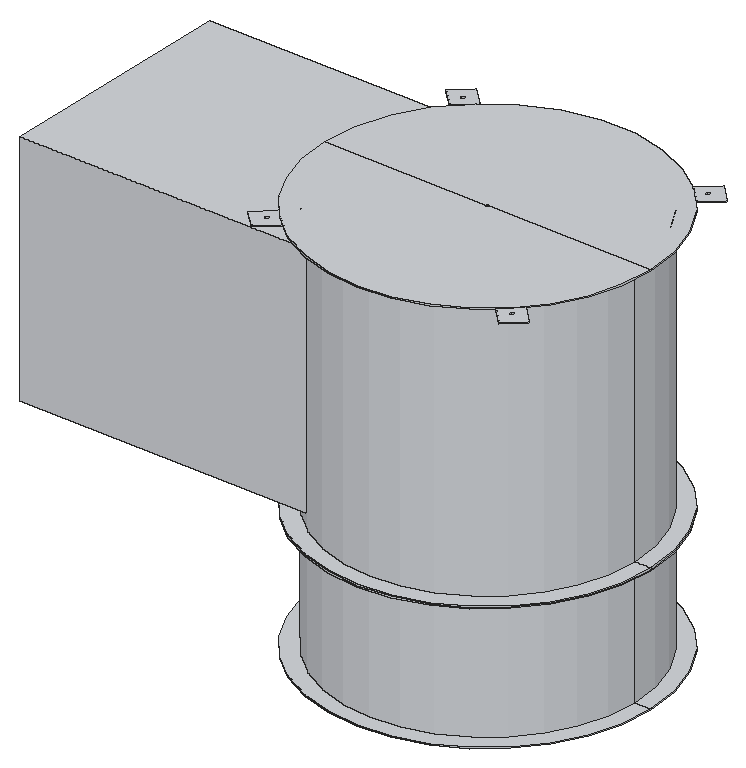
Revit family "AFBV-S_Downblast_Ceiling_Mount", category Mechanical Equipment, Revit 2019
Family settings
  Round Connector Dimension = Use Radius
  Part Type = Normal
  Work Plane-Based = No
  Always vertical = Yes
  Cut with Voids When Loaded = No
  Shared = No
  Room Calculation Point = No
Parameters (values of type "36_AFBV-S_DOWNBLAST_CEILING")
  VANE = 1' - 4"
  Unit Weight [instance] = ""
  ModelID [instance] = ""
  L/2 = L / 2  # 1' - 3 17/32"
  L = 2' - 7 1/16"
  K/2 = K / 2  # 0' - 0 7/32"
  K = 0' - 0 7/16"
  J/2 = J / 2  # 1' - 9 31/32"
  Accessories [instance] = ""
  45 = 45.00°  # constant formula
  (L-1")/2 = (L - 0' 1") / 2  # 1' - 3 1/32"
  (J+(J-A))/2 = (J + ((J - A) / 2)) / 2  # 1' - 11 45/64"
  J = 3' - 7 15/16"
  CENTER = 0' - 0"  # constant formula
  H-(A/2) = H - (A / 2)  # 2' - 4 3/4"
  H+J = H + CENTER  # 3' - 11 1/4"
  H = 3' - 11 1/4"
  Sones [instance] = ""
  Motor RPM [instance] = ""
  Motor Enclosure [instance] = ""
  LwA [instance] = ""
  G = 6' - 0"
  Fan RPM [instance] = ""
  F/2 = F / 2  # 0' - 0 7/32"
  F = 0' - 0 7/16"
  E/2 = E / 2  # 1' - 5"
  E-2" = E - 0' 2"  # 2' - 8"
  E = 2' - 10"
  C/2+J = C / 2 + CENTER  # 1' - 7 1/2"
  C/2 = C / 2  # 1' - 7 1/2"
  C = 3' - 3"
  B/2 = B / 2  # 1' - 8 11/16"
  B = 3' - 5 3/8"
  A/3 = A / 2.5  # 1' - 2.8"
  A/2 = A / 2  # 1' - 6 1/2"
  A = 3' - 1"
  60 = 60.00°  # constant formula
  30 = 30.00°  # constant formula
  3" = 0' - 3"  # constant formula
  Brake Hp [instance] = ""
  4" = 0' - 4"  # constant formula
  2' = 2' - 0"
  2" = 0' - 2"  # constant formula
  1" = 0' - 1"  # constant formula
  0 = 0' - 0"  # constant formula
  Voltage [instance] = 0 V
  URL = "www.lorencook.com"
  Type Comments = "Tube Axial Fan Downblast Ceiling Mount Stainless Steel Construction Belt Drive Arrangement 9"  # constant formula
  Static Pressure [instance] = 0.00 in-wg
  Power [instance] = Voltage * Motor FLA * sqrt(if(Phase = 3, 3, 1))  # 0 VA
  Phase [instance] = 0
  Number of Poles [instance] = 1
  Motor Hp [instance] = "0"
  Motor FLA [instance] = 0 A
  Model = "AFBV-S"  # constant formula
  Manufacturer = "Loren Cook Company"
  CFM [instance] = 0 CFM
  1.5 = 0' - 1 1/2"  # constant formula
  ONE EIGTH = 0' - 0 1/8"  # constant formula
  -E/2 = -E / 2  # -1' - 5"
  -(E-.25")/2 = -(E - 0' 0 1/4") / 2  # -1' - 4 7/8"
  (K/2)-((J-A-.25")/2) = (K / 2) - ((J - A - 0' 0 1/4") / 2)  # -0' - 3 1/8"
  (J-A-.25") = (J - A - 0' 0 1/4")  # 0' - 6 11/16"
  (H-(A/2))/2 = (H - (A / 2)) / 2  # 1' - 2 3/8"
  (E-.25")/2 = (E - 0' 0 1/4") / 2  # 1' - 4 7/8"
  (A+.25")/2 = (A + 0' 0 1/4") / 2  # 1' - 6 5/8"
Types (10): name | VANE | L/2 | L | K/2 | K | J/2 | (L-1")/2 | (J+(J-A))/2 | J | H-(A/2) | H+J | H | F/2 | F | E/2 | E-2" | E | C/2+J | C/2 | C | B/2 | B | A/3 | A/2 | A | -E/2 | -(E-.25")/2 | (K/2)-((J-A-.25")/2) | (J-A-.25") | (H-(A/2))/2 | (E-.25")/2 | (A+.25")/2
  (no name) | 1' - 4" | 1' - 3 17/32" | 2' - 7 1/16" | 0' - 0 7/32" | 0' - 0 7/16" | 1' - 9 31/32" | 1' - 3 1/32" | 1' - 11 45/64" | 3' - 7 15/16" | 2' - 4 3/4" | 3' - 11 1/4" | 3' - 11 1/4" | 0' - 0 7/32" | 0' - 0 7/16" | 1' - 5" | 2' - 8" | 2' - 10" | 1' - 7 1/2" | 1' - 7 1/2" | 3' - 3" | 1' - 8 11/16" | 3' - 5 3/8" | 1' - 2.8" | 1' - 6 1/2" | 3' - 1" | -1' - 5" | -1' - 4 7/8" | -0' - 3 1/8" | 0' - 6 11/16" | 1' - 2 3/8" | 1' - 4 7/8" | 1' - 6 5/8"
  12_AFBV-S_DOWNBLAST_CEILING | 0' - 6" | 0' - 6 3/8" | 1' - 0 3/4" | 0' - 0 3/16" | 0' - 0 3/8" | 0' - 9 1/32" | 0' - 5 7/8" | 0' - 10 21/64" | 1' - 6 1/16" | 1' - 6 3/16" | 2' - 0 5/8" | 2' - 0 5/8" | 0' - 0 5/32" | 0' - 0 5/16" | 0' - 11" | 1' - 8" | 1' - 10" | 0' - 7 5/16" | 0' - 7 5/16" | 1' - 2 5/8" | 0' - 7 13/16" | 1' - 3 5/8" | 0' - 5.15" | 0' - 6 7/16" | 1' - 0 7/8" | -0' - 11" | -0' - 10 7/8" | -0' - 2 9/32" | 0' - 4 15/16" | 0' - 9 3/32" | 0' - 10 7/8" | 0' - 6 9/16"
  16_AFBV-S_DOWNBLAST_CEILING | 0' - 10" | 0' - 7 13/16" | 1' - 3 5/8" | 0' - 0 3/16" | 0' - 0 3/8" | 0' - 11 1/32" | 0' - 7 5/16" | 1' - 0 21/64" | 1' - 10 1/16" | 1' - 9 11/16" | 2' - 6 1/8" | 2' - 6 1/8" | 0' - 0 5/32" | 0' - 0 5/16" | 1' - 0 1/2" | 1' - 11" | 2' - 1" | 0' - 9 5/16" | 0' - 9 5/16" | 1' - 6 5/8" | 0' - 9 13/16" | 1' - 7 5/8" | 0' - 6 3/4" | 0' - 8 7/16" | 1' - 4 7/8" | -1' - 0 1/2" | -1' - 0 3/8" | -0' - 2 9/32" | 0' - 4 15/16" | 0' - 10 27/32" | 1' - 0 3/8" | 0' - 8 9/16"
  18_AFBV-S_DOWNBLAST_CEILING | 0' - 11" | 0' - 8 1/2" | 1' - 5" | 0' - 0 3/16" | 0' - 0 3/8" | 1' - 0 1/32" | 0' - 8" | 1' - 1 21/64" | 2' - 0 1/16" | 1' - 9 11/16" | 2' - 7 1/8" | 2' - 7 1/8" | 0' - 0 5/32" | 0' - 0 5/16" | 1' - 0 1/2" | 1' - 11" | 2' - 1" | 0' - 10 5/16" | 0' - 10 5/16" | 1' - 8 5/8" | 0' - 10 13/16" | 1' - 9 5/8" | 0' - 7.55" | 0' - 9 7/16" | 1' - 6 7/8" | -1' - 0 1/2" | -1' - 0 3/8" | -0' - 2 9/32" | 0' - 4 15/16" | 0' - 10 27/32" | 1' - 0 3/8" | 0' - 9 9/16"
  24_AFBV-S_DOWNBLAST_CEILING | 1' - 1" | 0' - 10 7/8" | 1' - 9 3/4" | 0' - 0 3/16" | 0' - 0 3/8" | 1' - 3 13/32" | 0' - 10 3/8" | 1' - 4 57/64" | 2' - 6 13/16" | 2' - 3 7/16" | 3' - 3 7/8" | 3' - 3 7/8" | 0' - 0 7/32" | 0' - 0 7/16" | 1' - 3 1/2" | 2' - 5" | 2' - 7" | 1' - 1 7/16" | 1' - 1 7/16" | 2' - 2 7/8" | 1' - 2 9/16" | 2' - 5 1/8" | 0' - 9.95" | 1' - 0 7/16" | 2' - 0 7/8" | -1' - 3 1/2" | -1' - 3 3/8" | -0' - 2 21/32" | 0' - 5 11/16" | 1' - 1 23/32" | 1' - 3 3/8" | 1' - 0 9/16"
  28_AFBV-S_DOWNBLAST_CEILING | 1' - 1" | 1' - 0 5/16" | 2' - 0 5/8" | 0' - 0 3/16" | 0' - 0 3/8" | 1' - 5 13/32" | 0' - 11 13/16" | 1' - 6 57/64" | 2' - 10 13/16" | 2' - 3 7/16" | 3' - 5 7/8" | 3' - 5 7/8" | 0' - 0 7/32" | 0' - 0 7/16" | 1' - 3 1/2" | 2' - 5" | 2' - 7" | 1' - 3 7/16" | 1' - 3 7/16" | 2' - 6 7/8" | 1' - 4 9/16" | 2' - 9 1/8" | 0' - 11.55" | 1' - 2 7/16" | 2' - 4 7/8" | -1' - 3 1/2" | -1' - 3 3/8" | -0' - 2 21/32" | 0' - 5 11/16" | 1' - 1 23/32" | 1' - 3 3/8" | 1' - 2 9/16"
  32_AFBV-S_DOWNBLAST_CEILING | 1' - 3" | 1' - 2 1/8" | 2' - 4 1/4" | 0' - 0 7/32" | 0' - 0 7/16" | 1' - 7 31/32" | 1' - 1 5/8" | 1' - 9 45/64" | 3' - 3 15/16" | 2' - 4 3/4" | 3' - 9 1/4" | 3' - 9 1/4" | 0' - 0 7/32" | 0' - 0 7/16" | 1' - 5" | 2' - 8" | 2' - 10" | 1' - 5 1/2" | 1' - 5 1/2" | 2' - 11" | 1' - 6 5/8" | 3' - 1 1/4" | 1' - 1.2" | 1' - 4 1/2" | 2' - 9" | -1' - 5" | -1' - 4 7/8" | -0' - 3 1/8" | 0' - 6 11/16" | 1' - 2 3/8" | 1' - 4 7/8" | 1' - 4 5/8"
  36_AFBV-S_DOWNBLAST_CEILING | 1' - 4" | 1' - 3 17/32" | 2' - 7 1/16" | 0' - 0 7/32" | 0' - 0 7/16" | 1' - 9 31/32" | 1' - 3 1/32" | 1' - 11 45/64" | 3' - 7 15/16" | 2' - 4 3/4" | 3' - 11 1/4" | 3' - 11 1/4" | 0' - 0 7/32" | 0' - 0 7/16" | 1' - 5" | 2' - 8" | 2' - 10" | 1' - 7 1/2" | 1' - 7 1/2" | 3' - 3" | 1' - 8 11/16" | 3' - 5 3/8" | 1' - 2.8" | 1' - 6 1/2" | 3' - 1" | -1' - 5" | -1' - 4 7/8" | -0' - 3 1/8" | 0' - 6 11/16" | 1' - 2 3/8" | 1' - 4 7/8" | 1' - 6 5/8"
  14_AFBV-S_DOWNBLAST_CEILING | 0' - 8" | 0' - 7 3/32" | 1' - 2 3/16" | 0' - 0 3/16" | 0' - 0 3/8" | 0' - 10 1/32" | 0' - 6 19/32" | 0' - 11 21/64" | 1' - 8 1/16" | 1' - 6 3/16" | 2' - 1 5/8" | 2' - 1 5/8" | 0' - 0 5/32" | 0' - 0 5/16" | 0' - 11" | 1' - 8" | 1' - 10" | 0' - 8 5/16" | 0' - 8 5/16" | 1' - 4 5/8" | 0' - 8 27/32" | 1' - 5 11/16" | 0' - 5.95" | 0' - 7 7/16" | 1' - 2 7/8" | -0' - 11" | -0' - 10 7/8" | -0' - 2 9/32" | 0' - 4 15/16" | 0' - 9 3/32" | 0' - 10 7/8" | 0' - 7 9/16"
  20_AFBV-S_DOWNBLAST_CEILING | 1' - 0" | 0' - 9 5/16" | 1' - 6 5/8" | 0' - 0 3/16" | 0' - 0 3/8" | 1' - 1 5/32" | 0' - 8 13/16" | 1' - 2 33/64" | 2' - 2 5/16" | 1' - 9 11/16" | 2' - 8 1/8" | 2' - 8 1/8" | 0' - 0 5/32" | 0' - 0 5/16" | 1' - 3 1/2" | 2' - 5" | 2' - 7" | 0' - 11 3/16" | 0' - 11 3/16" | 1' - 10 3/8" | 0' - 11 27/32" | 1' - 11 11/16" | 0' - 8.35" | 0' - 10 7/16" | 1' - 8 7/8" | -1' - 3 1/2" | -1' - 3 3/8" | -0' - 2 13/32" | 0' - 5 3/16" | 0' - 10 27/32" | 1' - 3 3/8" | 0' - 10 9/16"
Reference planes (in)
  plane 1 "Center (Front/Back)": y = 0
  plane 2: z = 0
  plane 3 "Center (Left/Right)": x = 0.40541
Forms (in)
  Revolve 1, solid
    sketch origin (0, 0, 0) x (1, 0, 0) y (0, 0, 1)
      loop
        line (0.40541, -17) -> (21.09291, -17) -> (21.09291, -16.875) -> (19.03041, -16.875) -> (19.03041, 16.875) -> (21.09291, 16.875) -> (21.09291, 17) -> (0.40541, 17) -> (0.40541, -17)
      axis (0.40541, -17) -> (0.40541, 17)
    angle from 0 to 360
  Extrusion 2, solid
    sketch origin (0.40541, 0, 16.875) x (1, 0, 0) y (0, -1, 0)
      loop
        arc (-10.99782, -15.03125) -> (-18.625, 0) -> (-10.99782, 15.03125) r 18.625
        line (-10.99782, 15.03125) -> (-47.25, 15.03125) -> (-47.25, -15.03125) -> (-10.99782, -15.03125)
    from 32 <- "E-2"" to 2
  Extrusion 3, void
    sketch origin (0, 0, 0) x (1, 0, 0) y (0, 1, 0)
      loop
        circle (0.40541, 0) r 0.125
    from -17 <- "-E/2" to 17 <- "E/2"
  Extrusion 4, solid
    sketch origin (0.40541, 0, 17) x (1, 0, 0) y (0, 1, 0)
      loop
        arc (-15.66639, 17.78771) -> (-16.76064, 16.76064) -> (-17.78771, 15.66639) r 23.70313
        line (-17.78771, 15.66639) -> (-15.65043, 13.52911)
        arc (-15.65043, 13.52911) -> (-14.62827, 14.62827) -> (-13.52911, 15.65043) r 20.6875
        line (-13.52911, 15.65043) -> (-15.66639, 17.78771)
      loop
        arc (15.66639, -17.78771) -> (16.76064, -16.76064) -> (17.78771, -15.66639) r 23.70313
        line (17.78771, -15.66639) -> (15.65043, -13.52911)
        arc (15.65043, -13.52911) -> (14.62827, -14.62827) -> (13.52911, -15.65043) r 20.6875
        line (13.52911, -15.65043) -> (15.66639, -17.78771)
      loop
        arc (-17.78771, -15.66639) -> (-16.76064, -16.76064) -> (-15.66639, -17.78771) r 23.70313
        line (-15.66639, -17.78771) -> (-13.52911, -15.65043)
        arc (-13.52911, -15.65043) -> (-14.62827, -14.62827) -> (-15.65043, -13.52911) r 20.6875
        line (-15.65043, -13.52911) -> (-17.78771, -15.66639)
      loop
        arc (17.78771, 15.66639) -> (16.76064, 16.76064) -> (15.66639, 17.78771) r 23.70313
        line (15.66639, 17.78771) -> (13.52911, 15.65043)
        arc (13.52911, 15.65043) -> (14.62827, 14.62827) -> (15.65043, 13.52911) r 20.6875
        line (15.65043, 13.52911) -> (17.78771, 15.66639)
    from 0 to -0.125
  Extrusion 5, void
    sketch origin (0, 0, 0) x (1, 0, 0) y (0, 1, 0)
      loop
        circle (15.93666, 15.53125) r 0.21875
      loop
        circle (-15.12584, 15.53125) r 0.21875
      loop
        circle (-15.12584, -15.53125) r 0.21875
      loop
        circle (15.93666, -15.53125) r 0.21875
    from 17 <- "E/2" to -17 <- "-E/2"
  Revolve 6, solid
    sketch origin (0, 0, 0) x (1, 0, 0) y (0, 0, 1)
      loop
        line (21.09291, -17) -> (18.90541, -17) -> (18.90541, -33) -> (21.09291, -33) -> (21.09291, -32.875) -> (19.03041, -32.875) -> (19.03041, -17.125) -> (21.09291, -17.125) -> (21.09291, -17)
      axis (0.40541, -17) -> (0.40541, -33)
    angle from 0 to 360
Cuts and joins
  Extrusion 3, Extrusion 5 cuts Revolve 1
  Extrusion 3, Extrusion 5 cuts Extrusion 2
  Extrusion 5 cuts Extrusion 4
Dimensions and locks (in)
  "0": Revolve 1 sketch curve to plane 3 "Center (Left/Right)"  (x2)
  "(A+.25")/2": Revolve 1 sketch curve to plane 3 "Center (Left/Right)"
  "B/2": Revolve 1 sketch curve to plane 3 "Center (Left/Right)"  (x2)
  "ONE EIGTH": Revolve 1 sketch curve to Revolve 1 sketch curve  (x2)
  "E": Revolve 1 sketch curve to Revolve 1 sketch curve
  "E/2": level to Revolve 1 sketch curve
  "H": Extrusion 2 sketch curve to plane 3 "Center (Left/Right)"
  "(L-1")/2": Extrusion 2 sketch curve to plane 1 "Center (Front/Back)"  (x2)
  "0": Extrusion 2 sketch curve to plane 3 "Center (Left/Right)"
  "0": Extrusion 2 sketch curve to plane 1 "Center (Front/Back)"
  "0": Extrusion 3 sketch curve to plane 3 "Center (Left/Right)"
  "0": plane 1 "Center (Front/Back)" to Extrusion 3 sketch curve
  "0": Extrusion 4 sketch curve to plane 3 "Center (Left/Right)"  (x8)
  "0": Extrusion 4 sketch curve to plane 1 "Center (Front/Back)"  (x8)
  "1.5": plane 3 "Center (Left/Right)" to Extrusion 4 sketch curve  (x3)
  "3"": Extrusion 4 sketch curve to Extrusion 4 sketch curve  (x4)
  "1.5": Extrusion 4 sketch curve to plane 3 "Center (Left/Right)"
  "L/2": plane 3 "Center (Left/Right)" to Extrusion 5 sketch curve  (x4)
  "L/2": plane 1 "Center (Front/Back)" to Extrusion 5 sketch curve  (x4)
  "0": Revolve 6 sketch curve to plane 3 "Center (Left/Right)"
  "(A+.25")/2": Revolve 6 sketch curve to Revolve 6 sketch curve
  "B/2": Revolve 6 sketch curve to Revolve 6 sketch curve  (x2)
  "ONE EIGTH": Revolve 6 sketch curve to Revolve 6 sketch curve  (x3)
  "0": cut or joined group of Revolve 1, Extrusion 3, Extrusion 5 to Revolve 6 sketch curve
  "VANE": cut or joined group of Revolve 1, Extrusion 3, Extrusion 5 to Revolve 6 sketch curve
  "(A+.25")/2": radius of Extrusion 2 sketch curve
  "ONE EIGTH": radius of Extrusion 3 sketch curve
  "(J+(J-A))/2": radius of Extrusion 4 sketch curve  (x4)
  "B/2": radius of Extrusion 4 sketch curve  (x4)
  "K/2": radius of Extrusion 5 sketch curve  (x4)
  "45": angle Extrusion 4 sketch curve to plane 3 "Center (Left/Right)"
  "45": angle Extrusion 4 sketch curve to plane 1 "Center (Front/Back)"  (x2)
  "45": angle plane 1 "Center (Front/Back)" to Extrusion 4 sketch curve
Automatic sketch dimensions
  Revolve 1 sketch curve to Revolve 1 sketch curve = 0' - 0"
  Revolve 1 sketch curve to Revolve 1 sketch curve = 1' - 6"
  Extrusion 2 sketch curve to Extrusion 2 sketch curve = 0' - 0"
  Revolve 6 sketch curve to level = 1' - 5 1/8"
  Revolve 6 sketch curve to level = 0' - 3 1/8"
Connectors (in)
  electrical at (-28.7185, -15.03125, -0.125)
    settings: on Extrusion 2, index 1, voltage 0 V, apparent load 0 VA, apparent load phase1 0 VA, apparent load phase2 0 VA, apparent load phase3 0 VA, power factor 1, load classification "Other", number of poles 1, system type 30, power factor state 1, is connector primary yes, connector utility no, sub classification motor no, connector description ""
  hvac at (0.40541, 0, 16.875), driven by "A/2"
    settings: on Revolve 1, index 2, duct flow 0 CFM, flow factor 0, pres drop 0.00 in-wg, loss coef 0, conn angle 0.00°, conn width 12", conn height 12", conn diameter 37", duct sys type 29, conn prof type 0, flow config 0, flow direction 1, loss method 0, conn ref index -1, conn util no, is conn primary yes, conn desc ""
  hvac at (0.40541, 0, -33), driven by "A/2"
    settings: on Revolve 6, index 3, duct flow 0 CFM, flow factor 0, pres drop 0.00 in-wg, loss coef 0, conn angle 0.00°, conn width 12", conn height 12", conn diameter 37", duct sys type 29, conn prof type 0, flow config 0, flow direction 2, loss method 0, conn ref index -1, conn util no, is conn primary no, conn desc ""
